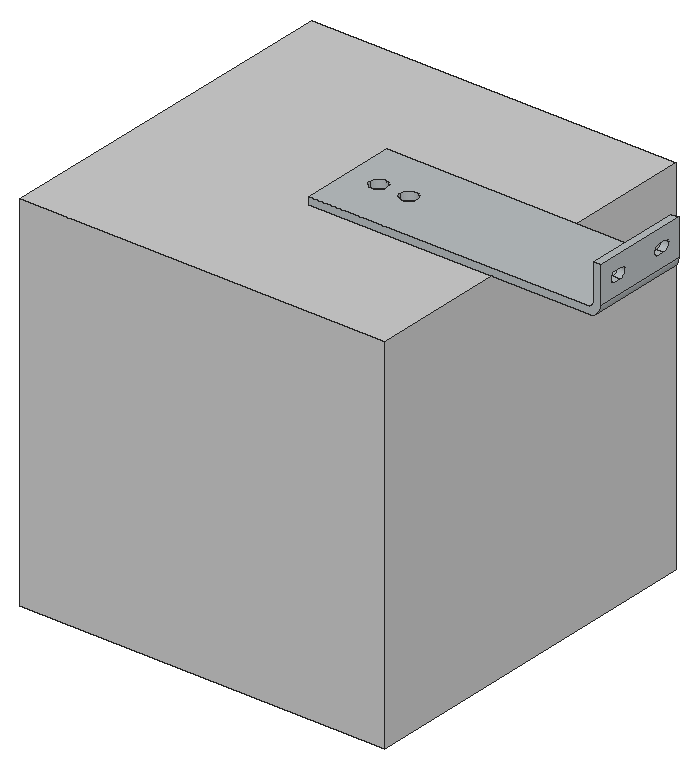
Revit family "REC-PA240406R", category Structural Connections, host Face, Revit 2024
Family settings
  Host = Face
  Material for Model Behavior = Steel
  Enable Cutting in Views = Yes
  Cut with Voids When Loaded = Yes
  Shared = No
Parameters (values of type "PA240406R")
  Visible = yes
  URL_Product_(Producto) = ""
  URL_DataSheet_(FichaTecnica) = ""
  URL_CE_Marking_(MarcadoCE) = ""
  Type IFC Predefined Type = "Brackets"
  Type Comments = ""
  URL = "https://recense.com/"
  Model = "PA240406R"
  Manufacturer = "RECENSE"
  Keynote_ESP = "Sistema antivuelco para paneles de hormigón GRC tipo STUD FRAME."
  Keynote = "Anti-tilt system for GRC concrete panels type STUD FRAME."
  IFCExportType = Classification.Uniclass.Pr.Description  # "Carbon steel anchor plates"
  IFCExportAs = "IfcElementAssembly"
  Fecha de Creacion: = "01/03/2024"
  Fecha Ultima Revision: = "01/03/2024"
  Export Type to IFC As = "IfcElementAssembly"
  Description_ESP = "Pletina angular 240x40x80x6 mm 2 ranuras 15x9 mm."
  Description = "Angle plate 240x40x40x80x6 mm 2 slotted holes 15x9 mm."
  Default Elevation = 0.0 mm
  Creado por: = "Deliprogal SL"
  Cost = 0
  Classification.Uniclass.Ss.Number = ""
  Classification.Uniclass.Ss.Description = ""
  Classification.Uniclass.Pr.Number = "Pr_20_29_03_10"
  Classification.Uniclass.Pr.Description = "Carbon steel anchor plates"
  Classification.Uniclass.EF.Number = ""
  Classification.Uniclass.EF.Description = ""
  Classification.Space.Number = ""
  Classification.Space.Description = ""
  Classification.Facility.Number = ""
  Classification.Facility.Description = ""
  Assembly Code = ""
Reference planes
  plane 1 "Center (Front/Back)": y = 0
  plane 2: z = 0
  plane 3 "Center (Left/Right)": x = 0
Forms (mm)
  Extrusion 1, solid, material "REC_Base"
    sketch origin (0, -719.2, 0) x (1, 0, 0) y (0, 1, 0)
      loop
        line (-150, 869.2) -> (-150, 569.2) -> (150, 569.2) -> (150, 869.2) -> (-150, 869.2)
    from 0 to -300
  Extrusion 2, solid, material "REC_Acero, S 275JR (Zincado)"
    sketch origin (0, 40, 0) x (1, 0, 0) y (0, 0, 1)
      loop
        line (0, 6) -> (0, 0) -> (230, 0)
        arc (230, 0) -> (237.071, 2.929) -> (240, 10) r 10
        line (240, 10) -> (240, 40) -> (234, 40) -> (234, 10)
        arc (234, 10) -> (232.828, 7.172) -> (230, 6) r 4
        line (230, 6) -> (0, 6)
    from 0 to 80
  Extrusion 3, void
    sketch origin (100, 40, 126) x (1, 0, 0) y (0, -1, 0)
      loop
        circle (-75, 40) r 7
      loop
        circle (-50, 40) r 7
    from 120 to 126
  Extrusion 4, void
    sketch origin (194, 40, 20) x (0, 1, 0) y (0, 0, 1)
      loop
        line (-65.5, 0.5) -> (-59.5, 0.5)
        arc (-59.5, 0.5) -> (-55, 5) -> (-59.5, 9.5) r 4.5
        line (-59.5, 9.5) -> (-65.5, 9.5)
        arc (-65.5, 9.5) -> (-70, 5) -> (-65.5, 0.5) r 4.5
      loop
        line (-20.5, 0.5) -> (-14.5, 0.5)
        arc (-14.5, 0.5) -> (-10, 5) -> (-14.5, 9.5) r 4.5
        line (-14.5, 9.5) -> (-20.5, 9.5)
        arc (-20.5, 9.5) -> (-25, 5) -> (-20.5, 0.5) r 4.5
    from 40 to 46
Cuts and joins
  Extrusion 3, Extrusion 4 cuts Extrusion 2
Dimensions and locks
  aligned and locked: plane 2 to Extrusion 1
  aligned and locked: level to Extrusion 1
